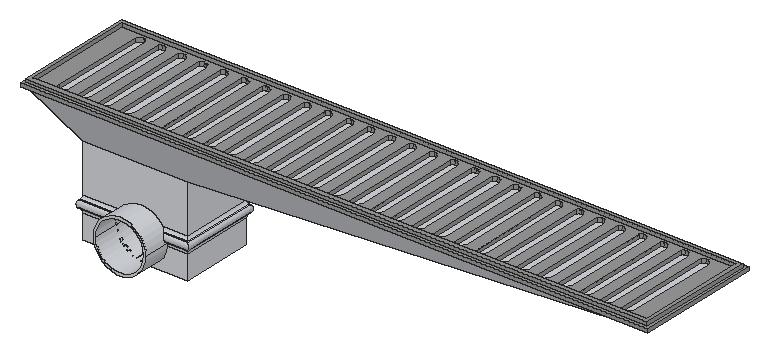
Revit family "PX_Rectangular-Floor Drain-Side-Outlet-600-Ø50", category Plumbing Fixtures, Revit 2016
Family settings
  Part Type = Normal
  Round Connector Dimension = Use Diameter
  Work Plane-Based = No
  Always vertical = Yes
  Cut with Voids When Loaded = No
  Shared = No
  Room Calculation Point = No
Parameters (values of type "PA_RECTANGULAR_Floor Drain_Side Outlet 600 Ø50")
  URL = "https://www.fisa.co.za/"
  Tolani Civil Projects cc URL = "www.tcpbim.co.za"
  Stainless Steel = Stainless Steel, Polished
  PVC = PVC, Unplasticized
  Model = "RECTANGULAR DRAINS Side Outlet 300 Ø50"
  Manufacturer = "Floor International"
  Created by = "Tolani Civil Projects cc"
  Contact = "+2711-4864900"
Reference planes
  plane 1 "Center (Front/Back)": y = 0
  plane 2: z = 0
  plane 3 "Center (Left/Right)": x = 0
  plane 4: z = -3.437
  plane 5: z = -132
  plane 6: y = -120
  plane 7: x = 600
  plane 8: x = 10
  plane 9: x = 290
  plane 10: z = -107
  plane 11: x = 95
  plane 12: z = -47
  plane 13: y = -60
  plane 14: y = -25
  plane 15: y = -95
  plane 16: x = 40
  plane 17: x = 140
Forms (mm)
  Extrusion 1, solid, material "Stainless Steel, Polished" <- "Stainless Steel"
    sketch origin (0, 0, 0) x (1, 0, 0) y (0, 1, 0)
      loop
        line (0, 0) -> (0, -120) -> (600, -120) -> (600, 0) -> (0, 0)
      loop
        arc (25, -105) -> (26.464, -108.536) -> (30, -110) r 5
        arc (30, -110) -> (33.536, -108.536) -> (35, -105) r 5
        line (35, -105) -> (35, -15)
        arc (35, -15) -> (33.536, -11.464) -> (30, -10) r 5
        arc (30, -10) -> (26.464, -11.464) -> (25, -15) r 5
        line (25, -15) -> (25, -105)
      loop
        arc (45, -107.5) -> (45.732, -109.268) -> (47.5, -110) r 2.5
        arc (47.5, -110) -> (52.803, -107.803) -> (55, -102.5) r 7.5
        line (55, -102.5) -> (55, -17.5)
        arc (55, -17.5) -> (52.803, -12.197) -> (47.5, -10) r 7.5
        arc (47.5, -10) -> (45.732, -10.732) -> (45, -12.5) r 2.5
        line (45, -12.5) -> (45, -107.5)
      loop
        arc (65, -107.5) -> (65.732, -109.268) -> (67.5, -110) r 2.5
        arc (67.5, -110) -> (72.803, -107.803) -> (75, -102.5) r 7.5
        line (75, -102.5) -> (75, -17.5)
        arc (75, -17.5) -> (72.803, -12.197) -> (67.5, -10) r 7.5
        arc (67.5, -10) -> (65.732, -10.732) -> (65, -12.5) r 2.5
        line (65, -12.5) -> (65, -107.5)
      loop
        arc (85, -107.5) -> (85.732, -109.268) -> (87.5, -110) r 2.5
        arc (87.5, -110) -> (92.803, -107.803) -> (95, -102.5) r 7.5
        line (95, -102.5) -> (95, -17.5)
        arc (95, -17.5) -> (92.803, -12.197) -> (87.5, -10) r 7.5
        arc (87.5, -10) -> (85.732, -10.732) -> (85, -12.5) r 2.5
        line (85, -12.5) -> (85, -107.5)
      loop
        arc (105, -107.5) -> (105.732, -109.268) -> (107.5, -110) r 2.5
        arc (107.5, -110) -> (112.803, -107.803) -> (115, -102.5) r 7.5
        line (115, -102.5) -> (115, -17.5)
        arc (115, -17.5) -> (112.803, -12.197) -> (107.5, -10) r 7.5
        arc (107.5, -10) -> (105.732, -10.732) -> (105, -12.5) r 2.5
        line (105, -12.5) -> (105, -107.5)
      loop
        arc (125, -107.5) -> (125.732, -109.268) -> (127.5, -110) r 2.5
        arc (127.5, -110) -> (132.803, -107.803) -> (135, -102.5) r 7.5
        line (135, -102.5) -> (135, -17.5)
        arc (135, -17.5) -> (132.803, -12.197) -> (127.5, -10) r 7.5
        arc (127.5, -10) -> (125.732, -10.732) -> (125, -12.5) r 2.5
        line (125, -12.5) -> (125, -107.5)
      loop
        arc (145, -107.5) -> (145.732, -109.268) -> (147.5, -110) r 2.5
        arc (147.5, -110) -> (152.803, -107.803) -> (155, -102.5) r 7.5
        line (155, -102.5) -> (155, -17.5)
        arc (155, -17.5) -> (152.803, -12.197) -> (147.5, -10) r 7.5
        arc (147.5, -10) -> (145.732, -10.732) -> (145, -12.5) r 2.5
        line (145, -12.5) -> (145, -107.5)
      loop
        arc (165, -107.5) -> (165.732, -109.268) -> (167.5, -110) r 2.5
        arc (167.5, -110) -> (172.803, -107.803) -> (175, -102.5) r 7.5
        line (175, -102.5) -> (175, -17.5)
        arc (175, -17.5) -> (172.803, -12.197) -> (167.5, -10) r 7.5
        arc (167.5, -10) -> (165.732, -10.732) -> (165, -12.5) r 2.5
        line (165, -12.5) -> (165, -107.5)
      loop
        arc (185, -107.5) -> (185.732, -109.268) -> (187.5, -110) r 2.5
        arc (187.5, -110) -> (192.803, -107.803) -> (195, -102.5) r 7.5
        line (195, -102.5) -> (195, -17.5)
        arc (195, -17.5) -> (192.803, -12.197) -> (187.5, -10) r 7.5
        arc (187.5, -10) -> (185.732, -10.732) -> (185, -12.5) r 2.5
        line (185, -12.5) -> (185, -107.5)
      loop
        arc (205, -107.5) -> (205.732, -109.268) -> (207.5, -110) r 2.5
        arc (207.5, -110) -> (212.803, -107.803) -> (215, -102.5) r 7.5
        line (215, -102.5) -> (215, -17.5)
        arc (215, -17.5) -> (212.803, -12.197) -> (207.5, -10) r 7.5
        arc (207.5, -10) -> (205.732, -10.732) -> (205, -12.5) r 2.5
        line (205, -12.5) -> (205, -107.5)
      loop
        arc (225, -107.5) -> (225.732, -109.268) -> (227.5, -110) r 2.5
        arc (227.5, -110) -> (232.803, -107.803) -> (235, -102.5) r 7.5
        line (235, -102.5) -> (235, -17.5)
        arc (235, -17.5) -> (232.803, -12.197) -> (227.5, -10) r 7.5
        arc (227.5, -10) -> (225.732, -10.732) -> (225, -12.5) r 2.5
        line (225, -12.5) -> (225, -107.5)
      loop
        arc (245, -107.5) -> (245.732, -109.268) -> (247.5, -110) r 2.5
        arc (247.5, -110) -> (252.803, -107.803) -> (255, -102.5) r 7.5
        line (255, -102.5) -> (255, -17.5)
        arc (255, -17.5) -> (252.803, -12.197) -> (247.5, -10) r 7.5
        arc (247.5, -10) -> (245.732, -10.732) -> (245, -12.5) r 2.5
        line (245, -12.5) -> (245, -107.5)
      loop
        arc (265, -107.5) -> (265.732, -109.268) -> (267.5, -110) r 2.5
        arc (267.5, -110) -> (272.803, -107.803) -> (275, -102.5) r 7.5
        line (275, -102.5) -> (275, -17.5)
        arc (275, -17.5) -> (272.803, -12.197) -> (267.5, -10) r 7.5
        arc (267.5, -10) -> (265.732, -10.732) -> (265, -12.5) r 2.5
        line (265, -12.5) -> (265, -107.5)
      loop
        arc (285, -107.5) -> (285.732, -109.268) -> (287.5, -110) r 2.5
        arc (287.5, -110) -> (292.803, -107.803) -> (295, -102.5) r 7.5
        line (295, -102.5) -> (295, -17.5)
        arc (295, -17.5) -> (292.803, -12.197) -> (287.5, -10) r 7.5
        arc (287.5, -10) -> (285.732, -10.732) -> (285, -12.5) r 2.5
        line (285, -12.5) -> (285, -107.5)
      loop
        arc (305, -107.5) -> (305.732, -109.268) -> (307.5, -110) r 2.5
        arc (307.5, -110) -> (312.803, -107.803) -> (315, -102.5) r 7.5
        line (315, -102.5) -> (315, -17.5)
        arc (315, -17.5) -> (312.803, -12.197) -> (307.5, -10) r 7.5
        arc (307.5, -10) -> (305.732, -10.732) -> (305, -12.5) r 2.5
        line (305, -12.5) -> (305, -107.5)
      loop
        arc (325, -107.5) -> (325.732, -109.268) -> (327.5, -110) r 2.5
        arc (327.5, -110) -> (332.803, -107.803) -> (335, -102.5) r 7.5
        line (335, -102.5) -> (335, -17.5)
        arc (335, -17.5) -> (332.803, -12.197) -> (327.5, -10) r 7.5
        arc (327.5, -10) -> (325.732, -10.732) -> (325, -12.5) r 2.5
        line (325, -12.5) -> (325, -107.5)
      loop
        arc (345, -107.5) -> (345.732, -109.268) -> (347.5, -110) r 2.5
        arc (347.5, -110) -> (352.803, -107.803) -> (355, -102.5) r 7.5
        line (355, -102.5) -> (355, -17.5)
        arc (355, -17.5) -> (352.803, -12.197) -> (347.5, -10) r 7.5
        arc (347.5, -10) -> (345.732, -10.732) -> (345, -12.5) r 2.5
        line (345, -12.5) -> (345, -107.5)
      loop
        arc (365, -107.5) -> (365.732, -109.268) -> (367.5, -110) r 2.5
        arc (367.5, -110) -> (372.803, -107.803) -> (375, -102.5) r 7.5
        line (375, -102.5) -> (375, -17.5)
        arc (375, -17.5) -> (372.803, -12.197) -> (367.5, -10) r 7.5
        arc (367.5, -10) -> (365.732, -10.732) -> (365, -12.5) r 2.5
        line (365, -12.5) -> (365, -107.5)
      loop
        arc (385, -107.5) -> (385.732, -109.268) -> (387.5, -110) r 2.5
        arc (387.5, -110) -> (392.803, -107.803) -> (395, -102.5) r 7.5
        line (395, -102.5) -> (395, -17.5)
        arc (395, -17.5) -> (392.803, -12.197) -> (387.5, -10) r 7.5
        arc (387.5, -10) -> (385.732, -10.732) -> (385, -12.5) r 2.5
        line (385, -12.5) -> (385, -107.5)
      loop
        arc (405, -107.5) -> (405.732, -109.268) -> (407.5, -110) r 2.5
        arc (407.5, -110) -> (412.803, -107.803) -> (415, -102.5) r 7.5
        line (415, -102.5) -> (415, -17.5)
        arc (415, -17.5) -> (412.803, -12.197) -> (407.5, -10) r 7.5
        arc (407.5, -10) -> (405.732, -10.732) -> (405, -12.5) r 2.5
        line (405, -12.5) -> (405, -107.5)
      loop
        arc (425, -107.5) -> (425.732, -109.268) -> (427.5, -110) r 2.5
        arc (427.5, -110) -> (432.803, -107.803) -> (435, -102.5) r 7.5
        line (435, -102.5) -> (435, -17.5)
        arc (435, -17.5) -> (432.803, -12.197) -> (427.5, -10) r 7.5
        arc (427.5, -10) -> (425.732, -10.732) -> (425, -12.5) r 2.5
        line (425, -12.5) -> (425, -107.5)
      loop
        arc (445, -107.5) -> (445.732, -109.268) -> (447.5, -110) r 2.5
        arc (447.5, -110) -> (452.803, -107.803) -> (455, -102.5) r 7.5
        line (455, -102.5) -> (455, -17.5)
        arc (455, -17.5) -> (452.803, -12.197) -> (447.5, -10) r 7.5
        arc (447.5, -10) -> (445.732, -10.732) -> (445, -12.5) r 2.5
        line (445, -12.5) -> (445, -107.5)
      loop
        arc (465, -107.5) -> (465.732, -109.268) -> (467.5, -110) r 2.5
        arc (467.5, -110) -> (472.803, -107.803) -> (475, -102.5) r 7.5
        line (475, -102.5) -> (475, -17.5)
        arc (475, -17.5) -> (472.803, -12.197) -> (467.5, -10) r 7.5
        arc (467.5, -10) -> (465.732, -10.732) -> (465, -12.5) r 2.5
        line (465, -12.5) -> (465, -107.5)
      loop
        arc (485, -107.5) -> (485.732, -109.268) -> (487.5, -110) r 2.5
        arc (487.5, -110) -> (492.803, -107.803) -> (495, -102.5) r 7.5
        line (495, -102.5) -> (495, -17.5)
        arc (495, -17.5) -> (492.803, -12.197) -> (487.5, -10) r 7.5
        arc (487.5, -10) -> (485.732, -10.732) -> (485, -12.5) r 2.5
        line (485, -12.5) -> (485, -107.5)
      loop
        arc (505, -107.5) -> (505.732, -109.268) -> (507.5, -110) r 2.5
        arc (507.5, -110) -> (512.803, -107.803) -> (515, -102.5) r 7.5
        line (515, -102.5) -> (515, -17.5)
        arc (515, -17.5) -> (512.803, -12.197) -> (507.5, -10) r 7.5
        arc (507.5, -10) -> (505.732, -10.732) -> (505, -12.5) r 2.5
        line (505, -12.5) -> (505, -107.5)
      loop
        arc (525, -107.5) -> (525.732, -109.268) -> (527.5, -110) r 2.5
        arc (527.5, -110) -> (532.803, -107.803) -> (535, -102.5) r 7.5
        line (535, -102.5) -> (535, -17.5)
        arc (535, -17.5) -> (532.803, -12.197) -> (527.5, -10) r 7.5
        arc (527.5, -10) -> (525.732, -10.732) -> (525, -12.5) r 2.5
        line (525, -12.5) -> (525, -107.5)
      loop
        arc (545, -107.5) -> (545.732, -109.268) -> (547.5, -110) r 2.5
        arc (547.5, -110) -> (552.803, -107.803) -> (555, -102.5) r 7.5
        line (555, -102.5) -> (555, -17.5)
        arc (555, -17.5) -> (552.803, -12.197) -> (547.5, -10) r 7.5
        arc (547.5, -10) -> (545.732, -10.732) -> (545, -12.5) r 2.5
        line (545, -12.5) -> (545, -107.5)
      loop
        arc (565, -107.5) -> (565.732, -109.268) -> (567.5, -110) r 2.5
        arc (567.5, -110) -> (572.803, -107.803) -> (575, -102.5) r 7.5
        line (575, -102.5) -> (575, -17.5)
        arc (575, -17.5) -> (572.803, -12.197) -> (567.5, -10) r 7.5
        arc (567.5, -10) -> (565.732, -10.732) -> (565, -12.5) r 2.5
        line (565, -12.5) -> (565, -107.5)
    from -3.437 to 0
  Sweep 2, solid, material "Stainless Steel, Polished" <- "Stainless Steel"
    path in 3D
      loop
        line (0, 0, 0) -> (0, -120, 0) -> (600, -120, 0) -> (600, 0, 0) -> (0, 0, 0)
    profile origin (300, 0, 0) x (0, -1, 0) y (0, 0, 1)
      loop
        line (3.164, 0) -> (6.519, 0) -> (6.519, 3.23) -> (3.164, 3.23) -> (3.164, 0)
  Extrusion 3, solid
    sketch origin (0, 0, 0) x (1, 0, 0) y (0, 0, 1)
      loop
        circle (95, -107) r 25
      loop
        circle (95, -107) r 23
    from 69.818 to 120
  SweptBlend 4, solid
    path origin (0, 0, 0) x (1, 0, 0) y (0, 0, 1)
      loop
        line (0, -3.437) -> (0, -47)
    profile origin (0, 0, -3.437) x (0, -1, 0) y (1, 0, 0)
      loop
        line (3.164, 3.164) -> (116.836, 3.164) -> (116.836, 596.836) -> (3.164, 596.836) -> (3.164, 3.164)
    end profile origin (0, 0, -47) x (0, -1, 0) y (1, 0, 0)
      loop
        line (25, 40) -> (95, 40) -> (95, 140) -> (25, 140) -> (25, 40)
  Sweep 5, solid
    path origin (0, 0, 0) x (1, 0, 0) y (0, 1, 0)
      loop
        line (40, -25) -> (40, -95) -> (140, -95) -> (140, -25) -> (40, -25)
    profile origin (90, -25, 0) x (0, 1, 0) y (0, 0, 1)
      loop
        line (0, -47) -> (-2.5, -47) -> (-2.5, -93.059)
        arc (-2.5, -93.059) -> (-1.929, -95.93) -> (-0.303, -98.363) r 7.5
        line (-0.303, -98.363) -> (0.437, -99.103)
        arc (0.437, -99.103) -> (1.169, -100.871) -> (0.437, -102.639) r 2.5
        line (0.437, -102.639) -> (-0.303, -103.379)
        arc (-0.303, -103.379) -> (-1.929, -105.812) -> (-2.5, -108.683) r 7.5
        line (-2.5, -108.683) -> (-2.5, -129.5) -> (-26.635, -129.5) -> (-26.635, -132) -> (0, -132) -> (0, -108.683)
        arc (0, -108.683) -> (0.381, -106.769) -> (1.464, -105.147) r 5
        line (1.464, -105.147) -> (2.205, -104.406)
        arc (2.205, -104.406) -> (3.669, -100.871) -> (2.205, -97.335) r 5
        line (2.205, -97.335) -> (1.464, -96.595)
        arc (1.464, -96.595) -> (0.381, -94.973) -> (0, -93.059) r 5
        line (0, -93.059) -> (0, -47)
  Extrusion 6, solid
    sketch origin (0, 0, 0) x (1, 0, 0) y (0, 1, 0)
      loop
        line (66.635, -51.635) -> (66.635, -68.365) -> (113.365, -68.365) -> (113.365, -51.635) -> (66.635, -51.635)
    from -132 to -129.5
  Extrusion 7, void
    sketch origin (0, 0, 0) x (1, 0, 0) y (0, 0, 1)
      loop
        circle (95, -107) r 23
    from 60 to 120
Cuts and joins
  Extrusion 7 cuts Sweep 5
  joined: SweptBlend 4, Sweep 5
  joined: Extrusion 3, Extrusion 6
Lines and regions (mm)
  sketch lines
    curve 1: line (600, 0, 0) -> (0, 0, 0)
    curve 2: line (600, -120, 0) -> (600, 0, 0)
    curve 3: line (0, -120, 0) -> (600, -120, 0)
    curve 4: line (0, 0, 0) -> (0, -120, 0)
Dimensions and locks
  locked: level to plane 4 at 3.437
  level to plane 5 = 132 mm
  plane 6 to plane 1 "Center (Front/Back)" = 120 mm
  plane 7 to plane 3 "Center (Left/Right)" = 600 mm
  Extrusion 1 sketch curve to Extrusion 1 sketch curve = 25 mm
  locked: Extrusion 1 to Sweep 2 sketch curve at 3.23
  locked: Sweep 2 sketch curve to Sweep 2 sketch curve at 3.356
  profile plane to Sweep 2 sketch curve = 3.164 mm
  plane 3 "Center (Left/Right)" to plane 8 = 10 mm
  plane 9 to Extrusion 1 = 310 mm
  plane 5 to level = 132 mm
  plane 10 to plane 5 = 25 mm
  plane 5 to plane 12 to plane 4 = 85 mm locked, 43.562 mm locked
  equal spacing: Extrusion 1, plane 13, plane 1 "Center (Front/Back)"
  equal spacing: plane 14, plane 13, plane 15
  plane 3 "Center (Left/Right)" to plane 16 to plane 17 = 40 mm locked, 100 mm locked
  Extrusion 1 to plane 1 "Center (Front/Back)" = 120 mm
  plane 3 "Center (Left/Right)" to Extrusion 1 = 600 mm
  equal spacing: Extrusion 1 sketch curve, Extrusion 1 sketch curve, Extrusion 1 sketch curve, Extrusion 1 sketch curve, Extrusion 1 sketch curve, Extrusion 1 sketch curve, Extrusion 1 sketch curve, Extrusion 1 sketch curve, Extrusion 1 sketch curve, Extrusion 1 sketch curve, Extrusion 1 sketch curve, Extrusion 1 sketch curve, Extrusion 1 sketch curve, Extrusion 1 sketch curve, Extrusion 1 sketch curve, Extrusion 1 sketch curve, Extrusion 1 sketch curve, Extrusion 1 sketch curve, Extrusion 1 sketch curve, Extrusion 1 sketch curve, Extrusion 1 sketch curve, Extrusion 1 sketch curve, Extrusion 1 sketch curve, Extrusion 1 sketch curve, Extrusion 1 sketch curve, Extrusion 1 sketch curve, Extrusion 1 sketch curve, Extrusion 1 sketch curve, Extrusion 1 sketch curve, Extrusion 1 sketch curve, Extrusion 1 sketch curve, Extrusion 1 sketch curve, Extrusion 1 sketch curve, Extrusion 1 sketch curve, Extrusion 1 sketch curve, Extrusion 1 sketch curve, Extrusion 1 sketch curve, Extrusion 1 sketch curve, Extrusion 1 sketch curve, Extrusion 1 sketch curve, Extrusion 1 sketch curve, Extrusion 1 sketch curve, Extrusion 1 sketch curve, Extrusion 1 sketch curve, Extrusion 1 sketch curve, Extrusion 1 sketch curve, Extrusion 1 sketch curve, Extrusion 1 sketch curve, Extrusion 1 sketch curve, Extrusion 1 sketch curve, Extrusion 1 sketch curve, Extrusion 1 sketch curve, Extrusion 1 sketch curve, Extrusion 1 sketch curve, Extrusion 1 sketch curve, Extrusion 1 sketch curve
  radius of Extrusion 3 sketch curve = 25 mm
  aligned and locked: level to plane 2
  aligned and locked: plane 7 to Extrusion 1 sketch curve
  aligned and locked: plane 6 to Extrusion 1 sketch curve
  aligned and locked: plane 1 "Center (Front/Back)" to Extrusion 1 sketch curve
  aligned and locked: level to Extrusion 1
  aligned and locked: plane 11 to Extrusion 3 sketch curve
  aligned and locked: plane 10 to Extrusion 3 sketch curve
  aligned and locked: SweptBlend 4 sketch curve to Sweep 2  (x4)
  aligned and locked: SweptBlend 4 sketch curve to plane 14
  aligned and locked: plane 17 to SweptBlend 4 sketch curve
  aligned and locked: plane 15 to SweptBlend 4 sketch curve
  aligned and locked: plane 16 to SweptBlend 4 sketch curve
  aligned and locked: Sweep 5 sketch curve to plane 14
  aligned and locked: plane 17 to Sweep 5 sketch curve
  aligned and locked: plane 15 to Sweep 5 sketch curve
  aligned and locked: plane 16 to Sweep 5 sketch curve
  aligned and locked: Extrusion 6 sketch curve to Sweep 5  (x4)
  aligned and locked: Extrusion 6 to plane 5
  aligned and locked: Sweep 5 to Extrusion 6
  aligned and locked: Extrusion 7 sketch curve to cut or joined group of Extrusion 3, Extrusion 6  (x2)
  aligned and locked: plane 13 to Extrusion 7
  aligned and locked: cut or joined group of Extrusion 3, Extrusion 6 to Extrusion 7
Automatic sketch dimensions
  Extrusion 3 sketch curve to Extrusion 3 sketch curve = 0 mm  (x3)
  SweptBlend 4 sketch curve to plane 3 "Center (Left/Right)" = 0 mm
  SweptBlend 4 sketch curve to plane 12 = 0 mm
  SweptBlend 4 sketch curve to plane 4 = 0 mm
  Extrusion 1 sketch curve to Extrusion 1 sketch curve = 0 mm  (x58)
  Extrusion 1 sketch curve to Extrusion 1 sketch curve = 5 mm  (x55)
  plane 14 to Extrusion 1 sketch curve = 10 mm
  Extrusion 1 sketch curve to plane 15 = 12.5 mm  (x11)
  Extrusion 1 sketch curve to plane 15 = 7.5 mm  (x16)
  Extrusion 1 sketch curve to plane 15 = 10 mm
  plane 14 to Extrusion 1 sketch curve = 7.5 mm  (x11)
  plane 14 to Extrusion 1 sketch curve = 12.5 mm  (x15)
  Sweep 2 sketch curve to profile plane = 0 mm
  Sweep 5 sketch curve to Sweep 5 sketch curve = 0 mm  (x6)
  Sweep 5 sketch curve to profile plane = 0 mm  (x2)
  Sweep 5 sketch curve to level = 132 mm
  profile plane to Sweep 5 sketch curve = 0.303 mm  (x2)
  profile plane to Sweep 5 sketch curve = 2.5 mm  (x2)
  Sweep 5 sketch curve to Sweep 5 sketch curve = 24.135 mm
  Sweep 5 sketch curve to profile plane = 0.437 mm  (x2)
  Sweep 5 sketch curve to profile plane = 1.464 mm  (x2)
  Sweep 5 sketch curve to Sweep 5 sketch curve = 0.74 mm  (x5)
  profile plane to Sweep 5 sketch curve = 1.331 mm
  Sweep 5 sketch curve to Sweep 5 sketch curve = 3.536 mm  (x2)
  Sweep 5 sketch curve to profile plane = 5 mm
  Sweep 5 sketch curve to Sweep 5 sketch curve = 2.5 mm
  Sweep 5 sketch curve to Sweep 5 sketch curve = 20.817 mm
  Sweep 5 sketch curve to Sweep 5 sketch curve = 46.059 mm
  Extrusion 1 sketch curve to plane 3 "Center (Left/Right)" = 0 mm
  plane 3 "Center (Left/Right)" to Extrusion 1 sketch curve = 35 mm
  Extrusion 3 sketch curve to plane 10 = 0 mm
  radius of Extrusion 3 sketch curve = 23 mm
Connectors
  piping at (95, -120, -107), diameter 50
    settings: on Extrusion 3, index 1, connector inside diameter 50 mm, connector length 0 mm, flow factor 0, pipe flow 0.0 L/s, pressure drop 0.0 Pa, fitting loss kfactor 0, connector angle 0.00°, fixture units 0, engagement length 0 mm, angle of deflection 0.00°, flow configuration 0, flow direction 2, fitting loss method 0, system type 16, joint type 0, gender type 0, connector reference index -1, connector utility 0, adjustable connector no, is connector primary yes, connector description ""
